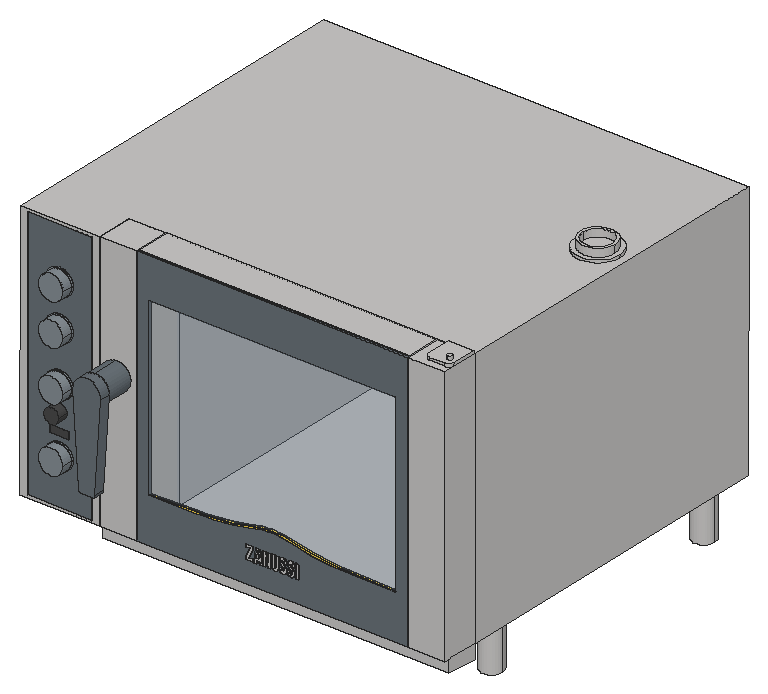
Revit family "QF_ZANUSSI_240452_ZFCE61CSCS", category Specialty Equipment, Revit 2023 (continued)
Definition of nested family "ZAN_DOOR_CROSSWISE_H525"
  Automatic sketch dimensions
    Extrusion 4 sketch curve to Extrusion 4 sketch curve = 28.998 mm
    Extrusion 4 sketch curve to Extrusion 4 sketch curve = 2.06 mm
    Extrusion 4 sketch curve to Extrusion 4 sketch curve = 0.191 mm
    Extrusion 4 sketch curve to Extrusion 4 sketch curve = 0.669 mm
    Extrusion 4 sketch curve to Extrusion 4 sketch curve = 1.051 mm
    Extrusion 4 sketch curve to Extrusion 4 sketch curve = 5.17 mm
    Extrusion 4 sketch curve to Extrusion 4 sketch curve = 63.165 mm
    Extrusion 4 sketch curve to Extrusion 4 sketch curve = 160.676 mm
    plane 9 to Extrusion 4 sketch curve = 110.668 mm
    plane 9 to Extrusion 4 sketch curve = 104.369 mm
    Extrusion 4 sketch curve to Extrusion 4 sketch curve = 0.216 mm
    Extrusion 4 sketch curve to Extrusion 4 sketch curve = 20.101 mm
    Extrusion 4 sketch curve to Extrusion 4 sketch curve = 14.439 mm
    plane 16 to Extrusion 4 sketch curve = 89.148 mm
    Extrusion 4 sketch curve to Extrusion 4 sketch curve = 0.343 mm
    Extrusion 4 sketch curve to Extrusion 4 sketch curve = 0.346 mm
    Extrusion 4 sketch curve to Extrusion 4 sketch curve = 1.209 mm
    Extrusion 4 sketch curve to Extrusion 4 sketch curve = 2.747 mm
    Extrusion 4 sketch curve to Extrusion 4 sketch curve = 2.745 mm  (x2)
    Extrusion 4 sketch curve to Extrusion 4 sketch curve = 2.666 mm
    Extrusion 4 sketch curve to Extrusion 4 sketch curve = 2.667 mm
    Extrusion 4 sketch curve to Extrusion 4 sketch curve = 5.816 mm  (x2)
    Extrusion 4 sketch curve to Extrusion 4 sketch curve = 2.231 mm
    Extrusion 4 sketch curve to Extrusion 4 sketch curve = 5.779 mm
    Extrusion 4 sketch curve to Extrusion 4 sketch curve = 5.783 mm
    Extrusion 4 sketch curve to Extrusion 4 sketch curve = 2.602 mm
    Extrusion 4 sketch curve to Extrusion 4 sketch curve = 2.603 mm
    plane 16 to Extrusion 5 sketch curve = 47.982 mm  (x2)
    Extrusion 5 sketch curve to Extrusion 5 sketch curve = 0 mm  (x16)
    Extrusion 5 sketch curve to Extrusion 5 sketch curve = 0.692 mm  (x2)
    Extrusion 5 sketch curve to Extrusion 5 sketch curve = 4.75 mm  (x5)
    Extrusion 5 sketch curve to Extrusion 5 sketch curve = 4.787 mm
    Extrusion 5 sketch curve to Extrusion 5 sketch curve = 0.328 mm
    Extrusion 5 sketch curve to Extrusion 5 sketch curve = 5.241 mm  (x2)
    Extrusion 5 sketch curve to Extrusion 5 sketch curve = 4.87 mm
    Extrusion 5 sketch curve to Extrusion 5 sketch curve = 5.561 mm
    Extrusion 5 sketch curve to Extrusion 5 sketch curve = 0.212 mm  (x2)
    Extrusion 5 sketch curve to Extrusion 5 sketch curve = 0.025 mm  (x2)
    Extrusion 5 sketch curve to Extrusion 5 sketch curve = 0.346 mm  (x2)
    Extrusion 5 sketch curve to Extrusion 5 sketch curve = 0.525 mm  (x3)
    Extrusion 5 sketch curve to Extrusion 5 sketch curve = 1.401 mm  (x2)
    Extrusion 5 sketch curve to Extrusion 5 sketch curve = 1.186 mm  (x2)
    Extrusion 5 sketch curve to Extrusion 5 sketch curve = 2.546 mm  (x2)
    Extrusion 5 sketch curve to Extrusion 5 sketch curve = 0.458 mm  (x2)
    Extrusion 5 sketch curve to Extrusion 5 sketch curve = 9.5 mm
    Extrusion 5 sketch curve to Extrusion 5 sketch curve = 5.655 mm  (x2)
    Extrusion 5 sketch curve to Extrusion 5 sketch curve = 5.986 mm  (x2)
    Extrusion 5 sketch curve to Extrusion 5 sketch curve = 2.141 mm  (x2)
    Extrusion 5 sketch curve to Extrusion 5 sketch curve = 12.739 mm
    Extrusion 5 sketch curve to Extrusion 5 sketch curve = 8.354 mm
    Extrusion 5 sketch curve to Extrusion 5 sketch curve = 3.681 mm
    Extrusion 5 sketch curve to Extrusion 5 sketch curve = 1.209 mm
    Extrusion 5 sketch curve to Extrusion 5 sketch curve = 0.702 mm  (x2)
    Extrusion 5 sketch curve to Extrusion 5 sketch curve = 1.067 mm  (x2)
    Extrusion 5 sketch curve to Extrusion 5 sketch curve = 0.798 mm
    Extrusion 5 sketch curve to Extrusion 5 sketch curve = 1.163 mm
    Extrusion 5 sketch curve to Extrusion 5 sketch curve = 0.282 mm
    Extrusion 5 sketch curve to Extrusion 5 sketch curve = 2.148 mm
    Extrusion 5 sketch curve to Extrusion 5 sketch curve = 1.642 mm
    Extrusion 5 sketch curve to Extrusion 5 sketch curve = 0.277 mm
    Extrusion 5 sketch curve to Extrusion 5 sketch curve = 1.568 mm  (x2)
    Extrusion 5 sketch curve to Extrusion 5 sketch curve = 0.043 mm  (x2)
    Extrusion 5 sketch curve to Extrusion 5 sketch curve = 0.093 mm  (x2)
    Extrusion 5 sketch curve to Extrusion 5 sketch curve = 3.228 mm
    Extrusion 5 sketch curve to Extrusion 5 sketch curve = 0.491 mm
    Extrusion 5 sketch curve to Extrusion 5 sketch curve = 3.931 mm  (x3)
    Extrusion 5 sketch curve to Extrusion 5 sketch curve = 5.078 mm
    Extrusion 5 sketch curve to Extrusion 5 sketch curve = 2.818 mm
    Extrusion 5 sketch curve to Extrusion 5 sketch curve = 1.565 mm
    Extrusion 5 sketch curve to Extrusion 5 sketch curve = 5.405 mm
    Extrusion 5 sketch curve to Extrusion 5 sketch curve = 5.733 mm  (x3)
    Extrusion 5 sketch curve to Extrusion 5 sketch curve = 7.68 mm
    plane 13 to Extrusion 5 sketch curve = 197.259 mm
    Extrusion 5 sketch curve to Extrusion 5 sketch curve = 4.888 mm
    Extrusion 5 sketch curve to Extrusion 5 sketch curve = 5.704 mm
    Extrusion 5 sketch curve to Extrusion 5 sketch curve = 0.845 mm
    Extrusion 5 sketch curve to Extrusion 5 sketch curve = 1.947 mm  (x2)
    Extrusion 5 sketch curve to Extrusion 5 sketch curve = 0.089 mm  (x2)
    Extrusion 5 sketch curve to Extrusion 5 sketch curve = 1.743 mm
    Extrusion 5 sketch curve to Extrusion 5 sketch curve = 6.311 mm
    Extrusion 5 sketch curve to Extrusion 5 sketch curve = 5.327 mm  (x2)
    Extrusion 5 sketch curve to Extrusion 5 sketch curve = 0.024 mm  (x2)
    Extrusion 5 sketch curve to Extrusion 5 sketch curve = 0.143 mm  (x2)
    Extrusion 5 sketch curve to Extrusion 5 sketch curve = 0.597 mm  (x2)
    Extrusion 5 sketch curve to Extrusion 5 sketch curve = 2.07 mm  (x2)
    Extrusion 5 sketch curve to Extrusion 5 sketch curve = 1.298 mm  (x2)
    Extrusion 5 sketch curve to Extrusion 5 sketch curve = 1.366 mm  (x2)
    Extrusion 5 sketch curve to Extrusion 5 sketch curve = 0.362 mm  (x2)
    Extrusion 5 sketch curve to Extrusion 5 sketch curve = 0.15 mm  (x2)
    Extrusion 5 sketch curve to Extrusion 5 sketch curve = 0.726 mm  (x3)
    Extrusion 5 sketch curve to Extrusion 5 sketch curve = 0.409 mm  (x2)
    Extrusion 5 sketch curve to Extrusion 5 sketch curve = 1.432 mm  (x2)
    Extrusion 5 sketch curve to Extrusion 5 sketch curve = 2.132 mm  (x2)
    Extrusion 5 sketch curve to Extrusion 5 sketch curve = 2.415 mm  (x2)
    Extrusion 5 sketch curve to Extrusion 5 sketch curve = 2.892 mm  (x2)
    Extrusion 5 sketch curve to Extrusion 5 sketch curve = 4.969 mm
    Extrusion 5 sketch curve to Extrusion 5 sketch curve = 2.57 mm
    Extrusion 5 sketch curve to Extrusion 5 sketch curve = 0.116 mm
    Extrusion 5 sketch curve to Extrusion 5 sketch curve = 2.846 mm
    Extrusion 5 sketch curve to Extrusion 5 sketch curve = 4.422 mm  (x2)
    Extrusion 5 sketch curve to Extrusion 5 sketch curve = 1.773 mm
    Extrusion 5 sketch curve to Extrusion 5 sketch curve = 5.719 mm
    Extrusion 5 sketch curve to Extrusion 5 sketch curve = 3.505 mm
    Extrusion 5 sketch curve to Extrusion 5 sketch curve = 1.646 mm
    Extrusion 5 sketch curve to Extrusion 5 sketch curve = 0.109 mm
    Extrusion 5 sketch curve to Extrusion 5 sketch curve = 1.311 mm
    Extrusion 5 sketch curve to Extrusion 5 sketch curve = 6.224 mm
    Extrusion 5 sketch curve to Extrusion 5 sketch curve = 6.061 mm
    Extrusion 5 sketch curve to Extrusion 5 sketch curve = 5.967 mm
    Extrusion 5 sketch curve to Extrusion 5 sketch curve = 5.897 mm  (x2)
    Extrusion 5 sketch curve to Extrusion 5 sketch curve = 0.819 mm  (x3)
    Extrusion 5 sketch curve to Extrusion 5 sketch curve = 3.276 mm
    Extrusion 5 sketch curve to Extrusion 5 sketch curve = 0.856 mm
    Extrusion 5 sketch curve to Extrusion 5 sketch curve = 5.934 mm
    Extrusion 5 sketch curve to Extrusion 5 sketch curve = 6.716 mm
    Extrusion 5 sketch curve to Extrusion 5 sketch curve = 8.598 mm
    Extrusion 5 sketch curve to Extrusion 5 sketch curve = 7.535 mm
    Extrusion 5 sketch curve to Extrusion 5 sketch curve = 6.308 mm
    Extrusion 5 sketch curve to Extrusion 5 sketch curve = 1.217 mm
    Extrusion 5 sketch curve to Extrusion 5 sketch curve = 3.121 mm  (x2)
    Extrusion 6 sketch curve to plane 7 = 0 mm  (x2)
    Extrusion 6 sketch curve to plane 9 = 0 mm
    Extrusion 6 sketch curve to plane 16 = 0 mm
    Extrusion 6 sketch curve to plane 5 "Feet" = 0 mm
    Extrusion 6 sketch curve to plane 15 = 0 mm
    plane 13 to Extrusion 6 sketch curve = 0 mm
    Extrusion 6 sketch curve to plane 14 = 0 mm
    Extrusion 1 sketch curve to plane 4 "Top" = 0 mm  (x2)
    Extrusion 1 sketch curve to plane 3 "Center (Left/Right)" = 0 mm
    Extrusion 1 sketch curve to plane 5 "Feet" = 0 mm  (x2)
    plane 10 to Extrusion 1 sketch curve = 0 mm
    Extrusion 1 sketch curve to plane 12 = 0 mm
    plane 11 to Extrusion 1 sketch curve = 0 mm
    plane 5 "Feet" to Extrusion 12 sketch curve = 0 mm
    Extrusion 12 sketch curve to plane 1 "Center (Front/Back)" = 0 mm
    plane 6 "Front" to Extrusion 12 sketch curve = 10 mm
    Extrusion 12 sketch curve to Extrusion 12 sketch curve = 25 mm
    Extrusion 12 sketch curve to Extrusion 12 sketch curve = 29.545 mm
    Extrusion 11 sketch curve to plane 17 = 0 mm
    Extrusion 11 sketch curve to plane 18 = 0 mm
    Extrusion 8 sketch curve to plane 7 = 0 mm
    Extrusion 8 sketch curve to plane 9 = 0 mm
    Extrusion 8 sketch curve to plane 16 = 0 mm
    plane 13 to Extrusion 8 sketch curve = 0 mm
    radius of curve 16 = 5 mm
    radius of Extrusion 13 sketch curve = 5 mm
    radius of Extrusion 11 sketch curve = 28 mm
